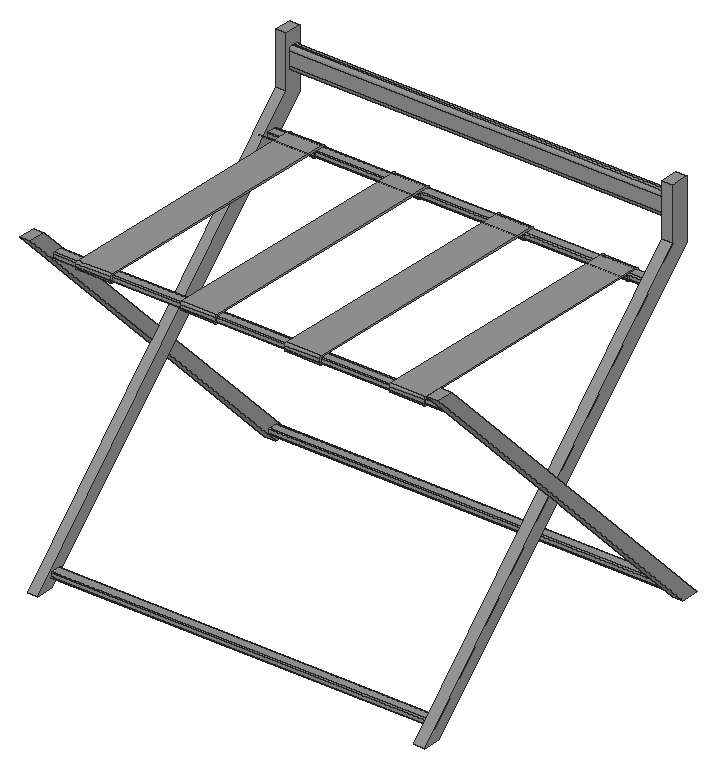
Revit family "DLRK0006", category Generic Models, Revit 2017
Family settings
  Can host rebar = No
  Round Connector Dimension = Use Diameter
  Part Type = Normal
  Work Plane-Based = No
  Always vertical = Yes
  Cut with Voids When Loaded = No
  Shared = No
  Room Calculation Point = No
Parameters
  Website = "https://dolphy.in/"  # constant formula
  Model = ""
  Contact number = "+91 9520202035"  # constant formula
  Contact email = "info@dolphy.in"  # constant formula
  Company name = "Dolphy India"  # constant formula
Reference planes
  plane 1 "Center (Front/Back)": y = 0
  plane 2: z = 0
  plane 3 "Center (Left/Right)": x = 0
Forms (mm)
  Extrusion 1, solid, material "rOD"
    sketch origin (-277.5, 0, 0) x (0, -1, 0) y (0, 0, -1)
      loop
        line (235, 0) -> (210, 0) -> (-235, -445) -> (-235, -530) -> (-210, -530) -> (-210, -455) -> (235, 0)
    from 7.5 to -7.5
  Extrusion 2, solid, material "rOD"
    sketch origin (-292.5, 0, 0) x (0, 1, 0) y (0, 0, 1)
      loop
        line (235, 0) -> (-205.11, 450) -> (-230.11, 450) -> (210, 0) -> (235, 0)
    from 7.5 to -7.5
  Extrusion 3, solid, material "rOD"
    sketch origin (0, 25, -97.817) x (0, -1, 0) y (0, 0, -1)
      loop
        spline (213.586, -515.817) -> (213.815, -515.807) -> (214.023, -515.776) -> (214.212, -515.724) -> (214.38, -515.651) -> (214.529, -515.558) -> (214.658, -515.443) -> (214.767, -515.308) -> (214.857, -515.152) -> (214.926, -514.976) -> (214.976, -514.778) -> (215.006, -514.56) -> (215.016, -514.321)
        line (215.016, -514.321) -> (215.016, -509.321)
        spline (215.016, -509.321) -> (215.006, -509.081) -> (214.976, -508.862) -> (214.926, -508.663) -> (214.857, -508.486) -> (214.767, -508.329) -> (214.658, -508.193) -> (214.529, -508.078) -> (214.38, -507.984) -> (214.212, -507.911) -> (214.023, -507.859) -> (213.815, -507.828) -> (213.586, -507.817)
        line (213.586, -507.817) -> (201.624, -507.817)
        spline (201.624, -507.817) -> (201.368, -507.828) -> (201.133, -507.859) -> (200.921, -507.911) -> (200.731, -507.984) -> (200.563, -508.078) -> (200.418, -508.193) -> (200.295, -508.329) -> (200.194, -508.486) -> (200.116, -508.663) -> (200.06, -508.862) -> (200.027, -509.081) -> (200.016, -509.321)
        line (200.016, -509.321) -> (200.016, -514.321)
        spline (200.016, -514.321) -> (200.027, -514.56) -> (200.06, -514.778) -> (200.116, -514.976) -> (200.194, -515.152) -> (200.295, -515.308) -> (200.418, -515.443) -> (200.563, -515.558) -> (200.731, -515.651) -> (200.921, -515.724) -> (201.133, -515.776) -> (201.368, -515.807) -> (201.624, -515.817)
        line (201.624, -515.817) -> (213.586, -515.817)
    from -285 to 285
  Extrusion 4, solid, material "rOD"
    sketch origin (0, -3.125, 530) x (0, 1, 0) y (0, 0, 1)
      loop
        spline (213.586, -515.817) -> (213.815, -515.807) -> (214.023, -515.776) -> (214.212, -515.724) -> (214.38, -515.651) -> (214.529, -515.558) -> (214.658, -515.443) -> (214.767, -515.308) -> (214.857, -515.152) -> (214.926, -514.976) -> (214.976, -514.778) -> (215.006, -514.56) -> (215.016, -514.321)
        line (215.016, -514.321) -> (215.016, -509.321)
        spline (215.016, -509.321) -> (215.006, -509.081) -> (214.976, -508.862) -> (214.926, -508.663) -> (214.857, -508.486) -> (214.767, -508.329) -> (214.658, -508.193) -> (214.529, -508.078) -> (214.38, -507.984) -> (214.212, -507.911) -> (214.023, -507.859) -> (213.815, -507.828) -> (213.586, -507.817)
        line (213.586, -507.817) -> (201.624, -507.817)
        spline (201.624, -507.817) -> (201.368, -507.828) -> (201.133, -507.859) -> (200.921, -507.911) -> (200.731, -507.984) -> (200.563, -508.078) -> (200.418, -508.193) -> (200.295, -508.329) -> (200.194, -508.486) -> (200.116, -508.663) -> (200.06, -508.862) -> (200.027, -509.081) -> (200.016, -509.321)
        line (200.016, -509.321) -> (200.016, -514.321)
        spline (200.016, -514.321) -> (200.027, -514.56) -> (200.06, -514.778) -> (200.116, -514.976) -> (200.194, -515.152) -> (200.295, -515.308) -> (200.418, -515.443) -> (200.563, -515.558) -> (200.731, -515.651) -> (200.921, -515.724) -> (201.133, -515.776) -> (201.368, -515.807) -> (201.624, -515.817)
        line (201.624, -515.817) -> (213.586, -515.817)
    from -285 to 285
  Extrusion 5, solid, material "rOD"
    sketch origin (0, 2.5, 530) x (0, -1, 0) y (0, 0, -1)
      loop
        line (213.586, 515.817) -> (201.624, 515.817)
        spline (201.624, 515.817) -> (201.368, 515.807) -> (201.133, 515.776) -> (200.921, 515.724) -> (200.731, 515.651) -> (200.563, 515.558) -> (200.418, 515.443) -> (200.295, 515.308) -> (200.194, 515.152) -> (200.116, 514.976) -> (200.06, 514.778) -> (200.027, 514.56) -> (200.016, 514.321)
        line (200.016, 514.321) -> (200.016, 509.321)
        spline (200.016, 509.321) -> (200.027, 509.081) -> (200.06, 508.862) -> (200.116, 508.663) -> (200.194, 508.486) -> (200.295, 508.329) -> (200.418, 508.193) -> (200.563, 508.078) -> (200.731, 507.984) -> (200.921, 507.911) -> (201.133, 507.859) -> (201.368, 507.828) -> (201.624, 507.817)
        line (201.624, 507.817) -> (213.586, 507.817)
        spline (213.586, 507.817) -> (213.815, 507.828) -> (214.023, 507.859) -> (214.212, 507.911) -> (214.38, 507.984) -> (214.529, 508.078) -> (214.658, 508.193) -> (214.767, 508.329) -> (214.857, 508.486) -> (214.926, 508.663) -> (214.976, 508.862) -> (215.006, 509.081) -> (215.016, 509.321)
        line (215.016, 509.321) -> (215.016, 514.321)
        spline (215.016, 514.321) -> (215.006, 514.56) -> (214.976, 514.778) -> (214.926, 514.976) -> (214.857, 515.152) -> (214.767, 515.308) -> (214.658, 515.443) -> (214.529, 515.558) -> (214.38, 515.651) -> (214.212, 515.724) -> (214.023, 515.776) -> (213.815, 515.807) -> (213.586, 515.817)
    from -270 to 270
  Extrusion 6, solid, material "rOD"
    sketch origin (277.5, 0, 0) x (0, -1, 0) y (0, 0, 1)
      loop
        line (235, 0) -> (-210, 455) -> (-210, 530) -> (-235, 530) -> (-235, 445) -> (210, 0) -> (235, 0)
    from 7.5 to -7.5
  Extrusion 7, solid, material "rOD"
    sketch origin (0, -25, -97.817) x (0, 1, 0) y (0, 0, 1)
      loop
        line (213.586, 515.817) -> (201.624, 515.817)
        spline (201.624, 515.817) -> (201.368, 515.807) -> (201.133, 515.776) -> (200.921, 515.724) -> (200.731, 515.651) -> (200.563, 515.558) -> (200.418, 515.443) -> (200.295, 515.308) -> (200.194, 515.152) -> (200.116, 514.976) -> (200.06, 514.778) -> (200.027, 514.56) -> (200.016, 514.321)
        line (200.016, 514.321) -> (200.016, 509.321)
        spline (200.016, 509.321) -> (200.027, 509.081) -> (200.06, 508.862) -> (200.116, 508.663) -> (200.194, 508.486) -> (200.295, 508.329) -> (200.418, 508.193) -> (200.563, 508.078) -> (200.731, 507.984) -> (200.921, 507.911) -> (201.133, 507.859) -> (201.368, 507.828) -> (201.624, 507.817)
        line (201.624, 507.817) -> (213.586, 507.817)
        spline (213.586, 507.817) -> (213.815, 507.828) -> (214.023, 507.859) -> (214.212, 507.911) -> (214.38, 507.984) -> (214.529, 508.078) -> (214.658, 508.193) -> (214.767, 508.329) -> (214.857, 508.486) -> (214.926, 508.663) -> (214.976, 508.862) -> (215.006, 509.081) -> (215.016, 509.321)
        line (215.016, 509.321) -> (215.016, 514.321)
        spline (215.016, 514.321) -> (215.006, 514.56) -> (214.976, 514.778) -> (214.926, 514.976) -> (214.857, 515.152) -> (214.767, 515.308) -> (214.658, 515.443) -> (214.529, 515.558) -> (214.38, 515.651) -> (214.212, 515.724) -> (214.023, 515.776) -> (213.815, 515.807) -> (213.586, 515.817)
    from -280.603 to 275.154
  Extrusion 8, solid, material "rOD"
    sketch origin (292.5, 0, 0) x (0, 1, 0) y (0, 0, -1)
      loop
        line (235, 0) -> (210, 0) -> (-230.11, -450) -> (-205.11, -450) -> (235, 0)
    from 7.5 to -7.5
  Extrusion 9, solid, material "Strap"
    sketch origin (0, 0, 0) x (0, 1, 0) y (0, 0, 1)
      loop
        line (175.016, 414.931) -> (173.516, 414.931) -> (173.516, 411.504)
        spline (173.516, 411.504) -> (173.534, 411.118) -> (173.593, 410.73) -> (173.703, 410.342) -> (173.872, 409.961) -> (174.103, 409.601) -> (174.394, 409.28) -> (174.73, 409.014) -> (175.095, 408.808) -> (175.474, 408.662) -> (175.857, 408.567) -> (176.241, 408.516) -> (176.624, 408.5)
        line (176.624, 408.5) -> (188.586, 408.5)
        spline (188.586, 408.5) -> (188.958, 408.517) -> (189.332, 408.574) -> (189.708, 408.679) -> (190.079, 408.84) -> (190.43, 409.062) -> (190.746, 409.343) -> (191.008, 409.669) -> (191.212, 410.024) -> (191.356, 410.393) -> (191.45, 410.764) -> (191.5, 411.135) -> (191.516, 411.504)
        line (191.516, 411.504) -> (191.516, 416.504)
        spline (191.516, 416.504) -> (191.5, 416.873) -> (191.449, 417.242) -> (191.356, 417.613) -> (191.21, 417.982) -> (191.006, 418.336) -> (190.743, 418.662) -> (190.428, 418.941) -> (190.076, 419.163) -> (189.706, 419.323) -> (189.331, 419.427) -> (188.957, 419.483) -> (188.586, 419.5)
        line (188.586, 419.5) -> (-188.586, 419.5)
        spline (-188.586, 419.5) -> (-188.957, 419.483) -> (-189.331, 419.427) -> (-189.706, 419.323) -> (-190.076, 419.163) -> (-190.428, 418.941) -> (-190.743, 418.662) -> (-191.006, 418.336) -> (-191.21, 417.982) -> (-191.356, 417.613) -> (-191.449, 417.242) -> (-191.5, 416.873) -> (-191.516, 416.504)
        line (-191.516, 416.504) -> (-191.516, 411.504)
        spline (-191.516, 411.504) -> (-191.5, 411.135) -> (-191.45, 410.764) -> (-191.356, 410.393) -> (-191.212, 410.024) -> (-191.008, 409.669) -> (-190.746, 409.343) -> (-190.43, 409.062) -> (-190.079, 408.84) -> (-189.708, 408.679) -> (-189.332, 408.574) -> (-188.958, 408.517) -> (-188.586, 408.5)
        line (-188.586, 408.5) -> (-176.624, 408.5)
        spline (-176.624, 408.5) -> (-176.241, 408.516) -> (-175.857, 408.567) -> (-175.474, 408.662) -> (-175.095, 408.808) -> (-174.73, 409.014) -> (-174.394, 409.28) -> (-174.103, 409.601) -> (-173.872, 409.961) -> (-173.703, 410.342) -> (-173.593, 410.73) -> (-173.534, 411.118) -> (-173.516, 411.504)
        line (-173.516, 411.504) -> (-173.516, 414.744) -> (-175.016, 414.744) -> (-175.016, 411.504)
        spline (-175.016, 411.504) -> (-175.027, 411.264) -> (-175.06, 411.044) -> (-175.116, 410.846) -> (-175.194, 410.668) -> (-175.295, 410.512) -> (-175.418, 410.376) -> (-175.563, 410.261) -> (-175.731, 410.167) -> (-175.921, 410.094) -> (-176.133, 410.042) -> (-176.368, 410.01) -> (-176.624, 410)
        line (-176.624, 410) -> (-188.586, 410)
        spline (-188.586, 410) -> (-188.815, 410.01) -> (-189.023, 410.042) -> (-189.212, 410.094) -> (-189.38, 410.167) -> (-189.529, 410.261) -> (-189.658, 410.376) -> (-189.767, 410.512) -> (-189.857, 410.668) -> (-189.926, 410.846) -> (-189.976, 411.044) -> (-190.006, 411.264) -> (-190.016, 411.504)
        line (-190.016, 411.504) -> (-190.016, 416.504)
        spline (-190.016, 416.504) -> (-190.006, 416.743) -> (-189.976, 416.961) -> (-189.926, 417.158) -> (-189.857, 417.335) -> (-189.767, 417.491) -> (-189.658, 417.626) -> (-189.529, 417.74) -> (-189.38, 417.834) -> (-189.212, 417.906) -> (-189.023, 417.958) -> (-188.815, 417.99) -> (-188.586, 418)
        line (-188.586, 418) -> (188.586, 418)
        spline (188.586, 418) -> (188.815, 417.99) -> (189.023, 417.958) -> (189.212, 417.906) -> (189.38, 417.834) -> (189.529, 417.74) -> (189.658, 417.626) -> (189.767, 417.491) -> (189.857, 417.335) -> (189.926, 417.158) -> (189.976, 416.961) -> (190.006, 416.743) -> (190.016, 416.504)
        line (190.016, 416.504) -> (190.016, 411.504)
        spline (190.016, 411.504) -> (190.006, 411.264) -> (189.976, 411.044) -> (189.926, 410.846) -> (189.857, 410.668) -> (189.767, 410.512) -> (189.658, 410.376) -> (189.529, 410.261) -> (189.38, 410.167) -> (189.212, 410.094) -> (189.023, 410.042) -> (188.815, 410.01) -> (188.586, 410)
        line (188.586, 410) -> (176.624, 410)
        spline (176.624, 410) -> (176.368, 410.01) -> (176.133, 410.042) -> (175.921, 410.094) -> (175.731, 410.167) -> (175.563, 410.261) -> (175.418, 410.376) -> (175.295, 410.512) -> (175.194, 410.668) -> (175.116, 410.846) -> (175.06, 411.044) -> (175.027, 411.264) -> (175.016, 411.504)
        line (175.016, 411.504) -> (175.016, 414.931)
    from 200 to 250
  Extrusion 10, solid, material "Strap"
    sketch origin (-150, 0, 0) x (0, 1, 0) y (0, 0, 1)
      loop
        line (175.016, 414.931) -> (173.516, 414.931) -> (173.516, 411.504)
        spline (173.516, 411.504) -> (173.534, 411.118) -> (173.593, 410.73) -> (173.703, 410.342) -> (173.872, 409.961) -> (174.103, 409.601) -> (174.394, 409.28) -> (174.73, 409.014) -> (175.095, 408.808) -> (175.474, 408.662) -> (175.857, 408.567) -> (176.241, 408.516) -> (176.624, 408.5)
        line (176.624, 408.5) -> (188.586, 408.5)
        spline (188.586, 408.5) -> (188.958, 408.517) -> (189.332, 408.574) -> (189.708, 408.679) -> (190.079, 408.84) -> (190.43, 409.062) -> (190.746, 409.343) -> (191.008, 409.669) -> (191.212, 410.024) -> (191.356, 410.393) -> (191.45, 410.764) -> (191.5, 411.135) -> (191.516, 411.504)
        line (191.516, 411.504) -> (191.516, 416.504)
        spline (191.516, 416.504) -> (191.5, 416.873) -> (191.449, 417.242) -> (191.356, 417.613) -> (191.21, 417.982) -> (191.006, 418.336) -> (190.743, 418.662) -> (190.428, 418.941) -> (190.076, 419.163) -> (189.706, 419.323) -> (189.331, 419.427) -> (188.957, 419.483) -> (188.586, 419.5)
        line (188.586, 419.5) -> (-188.586, 419.5)
        spline (-188.586, 419.5) -> (-188.957, 419.483) -> (-189.331, 419.427) -> (-189.706, 419.323) -> (-190.076, 419.163) -> (-190.428, 418.941) -> (-190.743, 418.662) -> (-191.006, 418.336) -> (-191.21, 417.982) -> (-191.356, 417.613) -> (-191.449, 417.242) -> (-191.5, 416.873) -> (-191.516, 416.504)
        line (-191.516, 416.504) -> (-191.516, 411.504)
        spline (-191.516, 411.504) -> (-191.5, 411.135) -> (-191.45, 410.764) -> (-191.356, 410.393) -> (-191.212, 410.024) -> (-191.008, 409.669) -> (-190.746, 409.343) -> (-190.43, 409.062) -> (-190.079, 408.84) -> (-189.708, 408.679) -> (-189.332, 408.574) -> (-188.958, 408.517) -> (-188.586, 408.5)
        line (-188.586, 408.5) -> (-176.624, 408.5)
        spline (-176.624, 408.5) -> (-176.241, 408.516) -> (-175.857, 408.567) -> (-175.474, 408.662) -> (-175.095, 408.808) -> (-174.73, 409.014) -> (-174.394, 409.28) -> (-174.103, 409.601) -> (-173.872, 409.961) -> (-173.703, 410.342) -> (-173.593, 410.73) -> (-173.534, 411.118) -> (-173.516, 411.504)
        line (-173.516, 411.504) -> (-173.516, 414.744) -> (-175.016, 414.744) -> (-175.016, 411.504)
        spline (-175.016, 411.504) -> (-175.027, 411.264) -> (-175.06, 411.044) -> (-175.116, 410.846) -> (-175.194, 410.668) -> (-175.295, 410.512) -> (-175.418, 410.376) -> (-175.563, 410.261) -> (-175.731, 410.167) -> (-175.921, 410.094) -> (-176.133, 410.042) -> (-176.368, 410.01) -> (-176.624, 410)
        line (-176.624, 410) -> (-188.586, 410)
        spline (-188.586, 410) -> (-188.815, 410.01) -> (-189.023, 410.042) -> (-189.212, 410.094) -> (-189.38, 410.167) -> (-189.529, 410.261) -> (-189.658, 410.376) -> (-189.767, 410.512) -> (-189.857, 410.668) -> (-189.926, 410.846) -> (-189.976, 411.044) -> (-190.006, 411.264) -> (-190.016, 411.504)
        line (-190.016, 411.504) -> (-190.016, 416.504)
        spline (-190.016, 416.504) -> (-190.006, 416.743) -> (-189.976, 416.961) -> (-189.926, 417.158) -> (-189.857, 417.335) -> (-189.767, 417.491) -> (-189.658, 417.626) -> (-189.529, 417.74) -> (-189.38, 417.834) -> (-189.212, 417.906) -> (-189.023, 417.958) -> (-188.815, 417.99) -> (-188.586, 418)
        line (-188.586, 418) -> (188.586, 418)
        spline (188.586, 418) -> (188.815, 417.99) -> (189.023, 417.958) -> (189.212, 417.906) -> (189.38, 417.834) -> (189.529, 417.74) -> (189.658, 417.626) -> (189.767, 417.491) -> (189.857, 417.335) -> (189.926, 417.158) -> (189.976, 416.961) -> (190.006, 416.743) -> (190.016, 416.504)
        line (190.016, 416.504) -> (190.016, 411.504)
        spline (190.016, 411.504) -> (190.006, 411.264) -> (189.976, 411.044) -> (189.926, 410.846) -> (189.857, 410.668) -> (189.767, 410.512) -> (189.658, 410.376) -> (189.529, 410.261) -> (189.38, 410.167) -> (189.212, 410.094) -> (189.023, 410.042) -> (188.815, 410.01) -> (188.586, 410)
        line (188.586, 410) -> (176.624, 410)
        spline (176.624, 410) -> (176.368, 410.01) -> (176.133, 410.042) -> (175.921, 410.094) -> (175.731, 410.167) -> (175.563, 410.261) -> (175.418, 410.376) -> (175.295, 410.512) -> (175.194, 410.668) -> (175.116, 410.846) -> (175.06, 411.044) -> (175.027, 411.264) -> (175.016, 411.504)
        line (175.016, 411.504) -> (175.016, 414.931)
    from 200 to 250
  Extrusion 11, solid, material "Strap"
    sketch origin (-300, 0, 0) x (0, 1, 0) y (0, 0, 1)
      loop
        line (175.016, 414.931) -> (173.516, 414.931) -> (173.516, 411.504)
        spline (173.516, 411.504) -> (173.534, 411.118) -> (173.593, 410.73) -> (173.703, 410.342) -> (173.872, 409.961) -> (174.103, 409.601) -> (174.394, 409.28) -> (174.73, 409.014) -> (175.095, 408.808) -> (175.474, 408.662) -> (175.857, 408.567) -> (176.241, 408.516) -> (176.624, 408.5)
        line (176.624, 408.5) -> (188.586, 408.5)
        spline (188.586, 408.5) -> (188.958, 408.517) -> (189.332, 408.574) -> (189.708, 408.679) -> (190.079, 408.84) -> (190.43, 409.062) -> (190.746, 409.343) -> (191.008, 409.669) -> (191.212, 410.024) -> (191.356, 410.393) -> (191.45, 410.764) -> (191.5, 411.135) -> (191.516, 411.504)
        line (191.516, 411.504) -> (191.516, 416.504)
        spline (191.516, 416.504) -> (191.5, 416.873) -> (191.449, 417.242) -> (191.356, 417.613) -> (191.21, 417.982) -> (191.006, 418.336) -> (190.743, 418.662) -> (190.428, 418.941) -> (190.076, 419.163) -> (189.706, 419.323) -> (189.331, 419.427) -> (188.957, 419.483) -> (188.586, 419.5)
        line (188.586, 419.5) -> (-188.586, 419.5)
        spline (-188.586, 419.5) -> (-188.957, 419.483) -> (-189.331, 419.427) -> (-189.706, 419.323) -> (-190.076, 419.163) -> (-190.428, 418.941) -> (-190.743, 418.662) -> (-191.006, 418.336) -> (-191.21, 417.982) -> (-191.356, 417.613) -> (-191.449, 417.242) -> (-191.5, 416.873) -> (-191.516, 416.504)
        line (-191.516, 416.504) -> (-191.516, 411.504)
        spline (-191.516, 411.504) -> (-191.5, 411.135) -> (-191.45, 410.764) -> (-191.356, 410.393) -> (-191.212, 410.024) -> (-191.008, 409.669) -> (-190.746, 409.343) -> (-190.43, 409.062) -> (-190.079, 408.84) -> (-189.708, 408.679) -> (-189.332, 408.574) -> (-188.958, 408.517) -> (-188.586, 408.5)
        line (-188.586, 408.5) -> (-176.624, 408.5)
        spline (-176.624, 408.5) -> (-176.241, 408.516) -> (-175.857, 408.567) -> (-175.474, 408.662) -> (-175.095, 408.808) -> (-174.73, 409.014) -> (-174.394, 409.28) -> (-174.103, 409.601) -> (-173.872, 409.961) -> (-173.703, 410.342) -> (-173.593, 410.73) -> (-173.534, 411.118) -> (-173.516, 411.504)
        line (-173.516, 411.504) -> (-173.516, 414.744) -> (-175.016, 414.744) -> (-175.016, 411.504)
        spline (-175.016, 411.504) -> (-175.027, 411.264) -> (-175.06, 411.044) -> (-175.116, 410.846) -> (-175.194, 410.668) -> (-175.295, 410.512) -> (-175.418, 410.376) -> (-175.563, 410.261) -> (-175.731, 410.167) -> (-175.921, 410.094) -> (-176.133, 410.042) -> (-176.368, 410.01) -> (-176.624, 410)
        line (-176.624, 410) -> (-188.586, 410)
        spline (-188.586, 410) -> (-188.815, 410.01) -> (-189.023, 410.042) -> (-189.212, 410.094) -> (-189.38, 410.167) -> (-189.529, 410.261) -> (-189.658, 410.376) -> (-189.767, 410.512) -> (-189.857, 410.668) -> (-189.926, 410.846) -> (-189.976, 411.044) -> (-190.006, 411.264) -> (-190.016, 411.504)
        line (-190.016, 411.504) -> (-190.016, 416.504)
        spline (-190.016, 416.504) -> (-190.006, 416.743) -> (-189.976, 416.961) -> (-189.926, 417.158) -> (-189.857, 417.335) -> (-189.767, 417.491) -> (-189.658, 417.626) -> (-189.529, 417.74) -> (-189.38, 417.834) -> (-189.212, 417.906) -> (-189.023, 417.958) -> (-188.815, 417.99) -> (-188.586, 418)
        line (-188.586, 418) -> (188.586, 418)
        spline (188.586, 418) -> (188.815, 417.99) -> (189.023, 417.958) -> (189.212, 417.906) -> (189.38, 417.834) -> (189.529, 417.74) -> (189.658, 417.626) -> (189.767, 417.491) -> (189.857, 417.335) -> (189.926, 417.158) -> (189.976, 416.961) -> (190.006, 416.743) -> (190.016, 416.504)
        line (190.016, 416.504) -> (190.016, 411.504)
        spline (190.016, 411.504) -> (190.006, 411.264) -> (189.976, 411.044) -> (189.926, 410.846) -> (189.857, 410.668) -> (189.767, 410.512) -> (189.658, 410.376) -> (189.529, 410.261) -> (189.38, 410.167) -> (189.212, 410.094) -> (189.023, 410.042) -> (188.815, 410.01) -> (188.586, 410)
        line (188.586, 410) -> (176.624, 410)
        spline (176.624, 410) -> (176.368, 410.01) -> (176.133, 410.042) -> (175.921, 410.094) -> (175.731, 410.167) -> (175.563, 410.261) -> (175.418, 410.376) -> (175.295, 410.512) -> (175.194, 410.668) -> (175.116, 410.846) -> (175.06, 411.044) -> (175.027, 411.264) -> (175.016, 411.504)
        line (175.016, 411.504) -> (175.016, 414.931)
    from 200 to 250
  Extrusion 12, solid, material "Strap"
    sketch origin (-450, 0, 0) x (0, 1, 0) y (0, 0, 1)
      loop
        line (175.016, 414.931) -> (173.516, 414.931) -> (173.516, 411.504)
        spline (173.516, 411.504) -> (173.534, 411.118) -> (173.593, 410.73) -> (173.703, 410.342) -> (173.872, 409.961) -> (174.103, 409.601) -> (174.394, 409.28) -> (174.73, 409.014) -> (175.095, 408.808) -> (175.474, 408.662) -> (175.857, 408.567) -> (176.241, 408.516) -> (176.624, 408.5)
        line (176.624, 408.5) -> (188.586, 408.5)
        spline (188.586, 408.5) -> (188.958, 408.517) -> (189.332, 408.574) -> (189.708, 408.679) -> (190.079, 408.84) -> (190.43, 409.062) -> (190.746, 409.343) -> (191.008, 409.669) -> (191.212, 410.024) -> (191.356, 410.393) -> (191.45, 410.764) -> (191.5, 411.135) -> (191.516, 411.504)
        line (191.516, 411.504) -> (191.516, 416.504)
        spline (191.516, 416.504) -> (191.5, 416.873) -> (191.449, 417.242) -> (191.356, 417.613) -> (191.21, 417.982) -> (191.006, 418.336) -> (190.743, 418.662) -> (190.428, 418.941) -> (190.076, 419.163) -> (189.706, 419.323) -> (189.331, 419.427) -> (188.957, 419.483) -> (188.586, 419.5)
        line (188.586, 419.5) -> (-188.586, 419.5)
        spline (-188.586, 419.5) -> (-188.957, 419.483) -> (-189.331, 419.427) -> (-189.706, 419.323) -> (-190.076, 419.163) -> (-190.428, 418.941) -> (-190.743, 418.662) -> (-191.006, 418.336) -> (-191.21, 417.982) -> (-191.356, 417.613) -> (-191.449, 417.242) -> (-191.5, 416.873) -> (-191.516, 416.504)
        line (-191.516, 416.504) -> (-191.516, 411.504)
        spline (-191.516, 411.504) -> (-191.5, 411.135) -> (-191.45, 410.764) -> (-191.356, 410.393) -> (-191.212, 410.024) -> (-191.008, 409.669) -> (-190.746, 409.343) -> (-190.43, 409.062) -> (-190.079, 408.84) -> (-189.708, 408.679) -> (-189.332, 408.574) -> (-188.958, 408.517) -> (-188.586, 408.5)
        line (-188.586, 408.5) -> (-176.624, 408.5)
        spline (-176.624, 408.5) -> (-176.241, 408.516) -> (-175.857, 408.567) -> (-175.474, 408.662) -> (-175.095, 408.808) -> (-174.73, 409.014) -> (-174.394, 409.28) -> (-174.103, 409.601) -> (-173.872, 409.961) -> (-173.703, 410.342) -> (-173.593, 410.73) -> (-173.534, 411.118) -> (-173.516, 411.504)
        line (-173.516, 411.504) -> (-173.516, 414.744) -> (-175.016, 414.744) -> (-175.016, 411.504)
        spline (-175.016, 411.504) -> (-175.027, 411.264) -> (-175.06, 411.044) -> (-175.116, 410.846) -> (-175.194, 410.668) -> (-175.295, 410.512) -> (-175.418, 410.376) -> (-175.563, 410.261) -> (-175.731, 410.167) -> (-175.921, 410.094) -> (-176.133, 410.042) -> (-176.368, 410.01) -> (-176.624, 410)
        line (-176.624, 410) -> (-188.586, 410)
        spline (-188.586, 410) -> (-188.815, 410.01) -> (-189.023, 410.042) -> (-189.212, 410.094) -> (-189.38, 410.167) -> (-189.529, 410.261) -> (-189.658, 410.376) -> (-189.767, 410.512) -> (-189.857, 410.668) -> (-189.926, 410.846) -> (-189.976, 411.044) -> (-190.006, 411.264) -> (-190.016, 411.504)
        line (-190.016, 411.504) -> (-190.016, 416.504)
        spline (-190.016, 416.504) -> (-190.006, 416.743) -> (-189.976, 416.961) -> (-189.926, 417.158) -> (-189.857, 417.335) -> (-189.767, 417.491) -> (-189.658, 417.626) -> (-189.529, 417.74) -> (-189.38, 417.834) -> (-189.212, 417.906) -> (-189.023, 417.958) -> (-188.815, 417.99) -> (-188.586, 418)
        line (-188.586, 418) -> (188.586, 418)
        spline (188.586, 418) -> (188.815, 417.99) -> (189.023, 417.958) -> (189.212, 417.906) -> (189.38, 417.834) -> (189.529, 417.74) -> (189.658, 417.626) -> (189.767, 417.491) -> (189.857, 417.335) -> (189.926, 417.158) -> (189.976, 416.961) -> (190.006, 416.743) -> (190.016, 416.504)
        line (190.016, 416.504) -> (190.016, 411.504)
        spline (190.016, 411.504) -> (190.006, 411.264) -> (189.976, 411.044) -> (189.926, 410.846) -> (189.857, 410.668) -> (189.767, 410.512) -> (189.658, 410.376) -> (189.529, 410.261) -> (189.38, 410.167) -> (189.212, 410.094) -> (189.023, 410.042) -> (188.815, 410.01) -> (188.586, 410)
        line (188.586, 410) -> (176.624, 410)
        spline (176.624, 410) -> (176.368, 410.01) -> (176.133, 410.042) -> (175.921, 410.094) -> (175.731, 410.167) -> (175.563, 410.261) -> (175.418, 410.376) -> (175.295, 410.512) -> (175.194, 410.668) -> (175.116, 410.846) -> (175.06, 411.044) -> (175.027, 411.264) -> (175.016, 411.504)
        line (175.016, 411.504) -> (175.016, 414.931)
    from 200 to 250
  Extrusion 13, solid, material "rOD"
    sketch origin (0, 0, 0) x (0, 1, 0) y (0, 0, 1)
      loop
        spline (230, 505) -> (229.965, 505.799) -> (229.861, 506.528) -> (229.687, 507.188) -> (229.444, 507.778) -> (229.132, 508.299) -> (228.75, 508.75) -> (228.299, 509.132) -> (227.778, 509.444) -> (227.187, 509.688) -> (226.528, 509.861) -> (225.799, 509.965) -> (225, 510)
        line (225, 510) -> (220, 510)
        spline (220, 510) -> (219.201, 509.965) -> (218.472, 509.861) -> (217.812, 509.688) -> (217.222, 509.444) -> (216.701, 509.132) -> (216.25, 508.75) -> (215.868, 508.299) -> (215.556, 507.778) -> (215.312, 507.188) -> (215.139, 506.528) -> (215.035, 505.799) -> (215, 505)
        line (215, 505) -> (215, 485)
        spline (215, 485) -> (215.035, 484.201) -> (215.139, 483.472) -> (215.312, 482.813) -> (215.556, 482.222) -> (215.868, 481.701) -> (216.25, 481.25) -> (216.701, 480.868) -> (217.222, 480.556) -> (217.812, 480.313) -> (218.472, 480.139) -> (219.201, 480.035) -> (220, 480)
        line (220, 480) -> (225, 480)
        spline (225, 480) -> (225.799, 480.035) -> (226.528, 480.139) -> (227.187, 480.313) -> (227.778, 480.556) -> (228.299, 480.868) -> (228.75, 481.25) -> (229.132, 481.701) -> (229.444, 482.222) -> (229.687, 482.813) -> (229.861, 483.472) -> (229.965, 484.201) -> (230, 485)
        line (230, 485) -> (230, 505)
    from -270 to 270
Cuts and joins
  joined: Extrusion 1, Extrusion 2, Extrusion 3, Extrusion 4, Extrusion 5, Extrusion 13
  joined: Extrusion 9, Extrusion 10, Extrusion 11, Extrusion 12
Dimensions and locks
  aligned and locked: level to plane 2
Automatic sketch dimensions
  Extrusion 1 sketch curve to level = 0 mm
  Extrusion 1 sketch curve to plane 1 "Center (Front/Back)" = 235 mm
  Extrusion 1 sketch curve to Extrusion 1 sketch curve = 25 mm  (x2)
  plane 1 "Center (Front/Back)" to Extrusion 1 sketch curve = 210 mm
  level to Extrusion 1 sketch curve = 445 mm
  Extrusion 1 sketch curve to Extrusion 1 sketch curve = 10 mm
  Extrusion 1 sketch curve to Extrusion 1 sketch curve = 75 mm
  Extrusion 2 sketch curve to level = 0 mm
  plane 1 "Center (Front/Back)" to Extrusion 2 sketch curve = 230.11 mm
  Extrusion 2 sketch curve to Extrusion 2 sketch curve = 25 mm  (x2)
  Extrusion 2 sketch curve to plane 1 "Center (Front/Back)" = 210 mm
  level to Extrusion 2 sketch curve = 450 mm
  Extrusion 3 sketch curve to plane 1 "Center (Front/Back)" = 175.016 mm
  Extrusion 3 sketch curve to Extrusion 3 sketch curve = 1.609 mm  (x2)
  Extrusion 3 sketch curve to Extrusion 3 sketch curve = 11.962 mm
  Extrusion 3 sketch curve to Extrusion 3 sketch curve = 0 mm
  Extrusion 3 sketch curve to Extrusion 3 sketch curve = 1.429 mm
  Extrusion 3 sketch curve to level = 410 mm
  Extrusion 3 sketch curve to Extrusion 3 sketch curve = 1.504 mm  (x2)
  Extrusion 3 sketch curve to Extrusion 3 sketch curve = 5 mm  (x2)
  Extrusion 3 sketch curve to Extrusion 3 sketch curve = 1.496 mm
  Extrusion 4 sketch curve to level = 15.679 mm
  plane 1 "Center (Front/Back)" to Extrusion 4 sketch curve = 196.891 mm
  Extrusion 4 sketch curve to level = 14.183 mm
  Extrusion 4 sketch curve to Extrusion 4 sketch curve = 1.609 mm  (x2)
  Extrusion 4 sketch curve to Extrusion 4 sketch curve = 11.962 mm
  Extrusion 4 sketch curve to Extrusion 4 sketch curve = 0 mm
  Extrusion 4 sketch curve to Extrusion 4 sketch curve = 1.429 mm
  Extrusion 4 sketch curve to Extrusion 4 sketch curve = 1.496 mm
  Extrusion 4 sketch curve to Extrusion 4 sketch curve = 5 mm  (x2)
  Extrusion 4 sketch curve to Extrusion 4 sketch curve = 1.504 mm
  level to Extrusion 5 sketch curve = 15.679 mm
  plane 1 "Center (Front/Back)" to Extrusion 5 sketch curve = 197.516 mm
  level to Extrusion 5 sketch curve = 14.183 mm
  Extrusion 5 sketch curve to Extrusion 5 sketch curve = 1.609 mm  (x2)
  Extrusion 5 sketch curve to Extrusion 5 sketch curve = 11.962 mm
  Extrusion 5 sketch curve to Extrusion 5 sketch curve = 0 mm
  Extrusion 5 sketch curve to Extrusion 5 sketch curve = 1.429 mm
  Extrusion 5 sketch curve to Extrusion 5 sketch curve = 1.496 mm
  Extrusion 5 sketch curve to Extrusion 5 sketch curve = 5 mm  (x2)
  Extrusion 5 sketch curve to Extrusion 5 sketch curve = 1.504 mm
  Extrusion 6 sketch curve to level = 0 mm
  Extrusion 6 sketch curve to plane 1 "Center (Front/Back)" = 235 mm
  Extrusion 6 sketch curve to Extrusion 6 sketch curve = 25 mm  (x2)
  plane 1 "Center (Front/Back)" to Extrusion 6 sketch curve = 210 mm
  level to Extrusion 6 sketch curve = 445 mm
  Extrusion 6 sketch curve to Extrusion 6 sketch curve = 10 mm
  Extrusion 6 sketch curve to Extrusion 6 sketch curve = 75 mm
  Extrusion 7 sketch curve to plane 1 "Center (Front/Back)" = 175.016 mm
  Extrusion 7 sketch curve to Extrusion 7 sketch curve = 1.609 mm  (x2)
  Extrusion 7 sketch curve to Extrusion 7 sketch curve = 11.962 mm
  Extrusion 7 sketch curve to Extrusion 7 sketch curve = 0 mm
  Extrusion 7 sketch curve to Extrusion 7 sketch curve = 1.429 mm
  level to Extrusion 7 sketch curve = 410 mm
  Extrusion 7 sketch curve to Extrusion 7 sketch curve = 1.504 mm  (x2)
  Extrusion 7 sketch curve to Extrusion 7 sketch curve = 5 mm  (x2)
  Extrusion 7 sketch curve to Extrusion 7 sketch curve = 1.496 mm
  Extrusion 8 sketch curve to level = 0 mm
  plane 1 "Center (Front/Back)" to Extrusion 8 sketch curve = 230.11 mm
  Extrusion 8 sketch curve to Extrusion 8 sketch curve = 25 mm  (x2)
  Extrusion 8 sketch curve to plane 1 "Center (Front/Back)" = 210 mm
  level to Extrusion 8 sketch curve = 450 mm
  plane 1 "Center (Front/Back)" to Extrusion 9 sketch curve = 191.516 mm
  Extrusion 9 sketch curve to Extrusion 9 sketch curve = 1.5 mm  (x7)
  Extrusion 9 sketch curve to Extrusion 9 sketch curve = 1.429 mm  (x3)
  Extrusion 9 sketch curve to Extrusion 9 sketch curve = 0 mm  (x14)
  Extrusion 9 sketch curve to Extrusion 9 sketch curve = 11.962 mm
  Extrusion 9 sketch curve to Extrusion 9 sketch curve = 1.609 mm  (x2)
  Extrusion 9 sketch curve to plane 1 "Center (Front/Back)" = 173.516 mm
  Extrusion 9 sketch curve to Extrusion 9 sketch curve = 13.571 mm
  level to Extrusion 9 sketch curve = 408.5 mm
  Extrusion 9 sketch curve to Extrusion 9 sketch curve = 1.504 mm  (x4)
  Extrusion 9 sketch curve to Extrusion 9 sketch curve = 3.24 mm
  Extrusion 9 sketch curve to Extrusion 9 sketch curve = 3.427 mm
  Extrusion 9 sketch curve to Extrusion 9 sketch curve = 5 mm  (x2)
  Extrusion 9 sketch curve to Extrusion 9 sketch curve = 1.496 mm
  plane 1 "Center (Front/Back)" to Extrusion 10 sketch curve = 191.516 mm
  Extrusion 10 sketch curve to Extrusion 10 sketch curve = 1.5 mm  (x7)
  Extrusion 10 sketch curve to Extrusion 10 sketch curve = 1.429 mm  (x3)
  Extrusion 10 sketch curve to Extrusion 10 sketch curve = 0 mm  (x14)
  Extrusion 10 sketch curve to Extrusion 10 sketch curve = 11.962 mm
  Extrusion 10 sketch curve to Extrusion 10 sketch curve = 1.609 mm  (x2)
  Extrusion 10 sketch curve to plane 1 "Center (Front/Back)" = 173.516 mm
  Extrusion 10 sketch curve to Extrusion 10 sketch curve = 13.571 mm
  level to Extrusion 10 sketch curve = 408.5 mm
  Extrusion 10 sketch curve to Extrusion 10 sketch curve = 1.504 mm  (x4)
  Extrusion 10 sketch curve to Extrusion 10 sketch curve = 3.24 mm
  Extrusion 10 sketch curve to Extrusion 10 sketch curve = 3.427 mm
  Extrusion 10 sketch curve to Extrusion 10 sketch curve = 5 mm  (x2)
  Extrusion 10 sketch curve to Extrusion 10 sketch curve = 1.496 mm
  plane 1 "Center (Front/Back)" to Extrusion 11 sketch curve = 191.516 mm
  Extrusion 11 sketch curve to Extrusion 11 sketch curve = 1.5 mm  (x7)
  Extrusion 11 sketch curve to Extrusion 11 sketch curve = 1.429 mm  (x3)
  Extrusion 11 sketch curve to Extrusion 11 sketch curve = 0 mm  (x14)
  Extrusion 11 sketch curve to Extrusion 11 sketch curve = 11.962 mm
  Extrusion 11 sketch curve to Extrusion 11 sketch curve = 1.609 mm  (x2)
  Extrusion 11 sketch curve to plane 1 "Center (Front/Back)" = 173.516 mm
  Extrusion 11 sketch curve to Extrusion 11 sketch curve = 13.571 mm
  level to Extrusion 11 sketch curve = 408.5 mm
  Extrusion 11 sketch curve to Extrusion 11 sketch curve = 1.504 mm  (x4)
  Extrusion 11 sketch curve to Extrusion 11 sketch curve = 3.24 mm
  Extrusion 11 sketch curve to Extrusion 11 sketch curve = 3.427 mm
  Extrusion 11 sketch curve to Extrusion 11 sketch curve = 5 mm  (x2)
  Extrusion 11 sketch curve to Extrusion 11 sketch curve = 1.496 mm
  plane 1 "Center (Front/Back)" to Extrusion 12 sketch curve = 191.516 mm
  Extrusion 12 sketch curve to Extrusion 12 sketch curve = 1.5 mm  (x7)
  Extrusion 12 sketch curve to Extrusion 12 sketch curve = 1.429 mm  (x3)
  Extrusion 12 sketch curve to Extrusion 12 sketch curve = 0 mm  (x14)
  Extrusion 12 sketch curve to Extrusion 12 sketch curve = 11.962 mm
  Extrusion 12 sketch curve to Extrusion 12 sketch curve = 1.609 mm  (x2)
  Extrusion 12 sketch curve to plane 1 "Center (Front/Back)" = 173.516 mm
  Extrusion 12 sketch curve to Extrusion 12 sketch curve = 13.571 mm
  level to Extrusion 12 sketch curve = 408.5 mm
  Extrusion 12 sketch curve to Extrusion 12 sketch curve = 1.504 mm  (x4)
  Extrusion 12 sketch curve to Extrusion 12 sketch curve = 3.24 mm
  Extrusion 12 sketch curve to Extrusion 12 sketch curve = 3.427 mm
  Extrusion 12 sketch curve to Extrusion 12 sketch curve = 5 mm  (x2)
  Extrusion 12 sketch curve to Extrusion 12 sketch curve = 1.496 mm
  Extrusion 13 sketch curve to plane 1 "Center (Front/Back)" = 215 mm
  Extrusion 13 sketch curve to Extrusion 13 sketch curve = 5 mm  (x8)
  level to Extrusion 13 sketch curve = 480 mm
  Extrusion 13 sketch curve to Extrusion 13 sketch curve = 20 mm
  Extrusion 13 sketch curve to Extrusion 13 sketch curve = 0 mm
